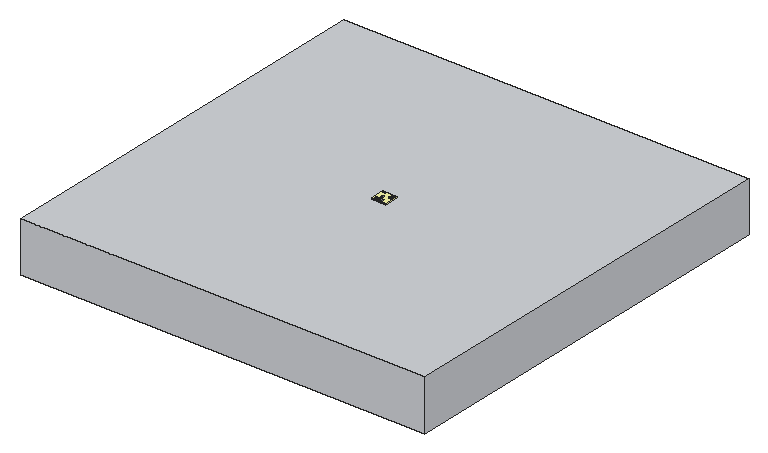
Revit family "EP_13A Switch Socket with Indication Lamp", category Electrical Fixtures, host Face, Revit 2013
Parameters
  Voltage = 230 V
  Socket = Socket
  Load Classification = Single Socket
  Load = 200 W
  Glass = Glass Red
  Default Elevation = 1200 mm
Reference planes
  plane 1 "Center (Front/Back)": y = 0
  plane 2: z = 0
  plane 3 "Center (Left/Right)": x = 0
  plane 4: x = -43
  plane 5: x = 43
  plane 6: y = 43
  plane 7: y = -43
  plane 8 "Switch": z = 8
Forms (mm)
  Extrusion 1, solid
    sketch origin (0, 0, 0) x (1, 0, 0) y (0, 1, 0)
      loop
        line (-1219.2, 1219.2) -> (-1219.2, -1219.2) -> (1219.2, -1219.2) -> (1219.2, 1219.2) -> (-1219.2, 1219.2)
    from 0 to -304.8
  Extrusion 2, solid, material "Face Plate"
    sketch origin (0, 0, 0) x (1, 0, 0) y (0, 1, 0)
      loop
        line (-43, -43) -> (43, -43) -> (43, 43) -> (-43, 43) -> (-43, -43)
    from 0 to 8
  Extrusion 3, solid, material "Socket" <- "Socket"
    sketch origin (0, 39.084, 0) x (0, -1, 0) y (0, 0, -1)
      loop
        line (6.07, -8) -> (27.984, -13.464) -> (27.984, -8) -> (6.07, -8)
    from 20 to 33
  Extrusion 4, void
    sketch origin (0, 0, 0) x (1, 0, 0) y (0, 1, 0)
      loop
        line (20, 11.1) -> (33, 11.1) -> (33, 33.014) -> (20, 33.014) -> (20, 11.1)
      loop
        line (18, 35.014) -> (18, 9.1) -> (35, 9.1) -> (35, 35.014) -> (18, 35.014)
    from 7.5 to 8
  Extrusion 5, solid, material "Socket" <- "Socket"
    sketch origin (0, 0, 0) x (1, 0, 0) y (0, 1, 0)
      loop
        line (-33, -33) -> (13, -33) -> (13, -21) -> (-5, -21) -> (-5, 5) -> (-15, 5) -> (-15, -21) -> (-33, -21) -> (-33, -33)
    from 8 to 9
  Extrusion 6, void
    sketch origin (0, 0, 0) x (1, 0, 0) y (0, 1, 0)
      loop
        line (-12, 0.984) -> (-12, -11) -> (-8, -11) -> (-8, 0.984) -> (-12, 0.984)
    from 0 to 9
  Extrusion 7, void
    sketch origin (0, 0, 0) x (1, 0, 0) y (0, 1, 0)
      loop
        line (-27, -24.618) -> (-27, -29) -> (-15, -29) -> (-15, -24.618) -> (-27, -24.618)
    from 0 to 9
  Extrusion 8, void
    sketch origin (-20, 0, 0) x (-1, 0, 0) y (0, -1, 0)
      loop
        line (-27, 24.618) -> (-15, 24.618) -> (-15, 29) -> (-27, 29) -> (-27, 24.618)
    from 0 to 9
  Extrusion 9, void
    sketch origin (0, 0, 0) x (1, 0, 0) y (0, 1, 0)
      loop
        line (-37.685, 39.206) -> (-37.685, 33.206) -> (-22.685, 33.206) -> (-22.685, 39.206) -> (-37.685, 39.206)
    from 5 to 8
  Extrusion 10, solid, material "Glass Red" <- "Glass"
    sketch origin (0, 0, 0) x (1, 0, 0) y (0, 1, 0)
      loop
        line (-37.385, 33.506) -> (-22.985, 33.506) -> (-22.985, 38.906) -> (-37.385, 38.906) -> (-37.385, 33.506)
    from 6 to 8.5
Cuts and joins
  Extrusion 4, Extrusion 6, Extrusion 7, Extrusion 8, Extrusion 9 cuts Extrusion 2
  Extrusion 6, Extrusion 7, Extrusion 8 cuts Extrusion 5
Lines and regions (mm)
  model lines
    curve 1: line (-12, 0.984, 0) -> (-12, -11, 0)
    curve 2: line (-8, 0.984, 0) -> (-12, 0.984, 0)
    curve 3: line (-8, -11, 0) -> (-8, 0.984, 0)
    curve 4: line (-12, -11, 0) -> (-8, -11, 0)
    curve 5: line (-15, -24.618, 0) -> (-27, -24.618, 0)
    curve 6: line (-27, -24.618, 0) -> (-27, -29, 0)
    curve 7: line (-27, -29, 0) -> (-15, -29, 0)
    curve 8: line (-15, -29, 0) -> (-15, -24.618, 0)
Dimensions and locks
  plane 4 to plane 3 "Center (Left/Right)" to plane 5 = 43 mm, 43 mm
  aligned and locked: plane 2 to Extrusion 1
  aligned and locked: level to Extrusion 1
Nested families
  nested 1: "EP_SFC" at (0, 0, 0), type "EP_SFC"
    with Label "", A 0 mm
Connectors
  electrical at (0, 0, 0), driven by "Voltage", driven by "Load", driven by "Load Classification"
    settings: on cut or joined group of Extrusion 2, Extrusion 4, Extrusion 6, Extrusion 7, Extrusion 8, Extrusion 9, index 1, voltage 230 V, apparent load 0 W, apparent load phase1 200 W, apparent load phase2 0 W, apparent load phase3 0 W, power factor 1, load classification "Single Socket", number of poles 1, system type 31, power factor state 1, is connector primary yes, connector utility no, sub classification motor no, connector description ""
Definition of nested family "EP_SFC"
  Parameters (values of type "EP_SFC")
    Label [instance] = ""
    A [instance] = 0 mm
  Reference planes
    plane 1: y = 0
    plane 2: x = 0
  Lines and regions (mm)
    Filled region 1, type "Filled region 1", not visible
      outline origin (1.642, -0.317, 0) x (1, 0, 0) y (0, 1, 0)
        loop
          circle (-1.642, 5.12) r 0.914
    Filled region 2, type "Filled region 1"
      outline origin (1.627, -1.611, 0) x (1, 0, 0) y (0, 1, 0)
        loop
          circle (-1.642, 3.731) r 0.5
    detail lines, not visible
      curve 1: circle (0, 1.389, 0) r 2.5 normal (0, 0, -1)
      curve 2: line (0, -1.111, 0) -> (0, 6.889, 0)
    detail lines, style "Power Symbols"
      curve 3: line (0, 1.6, 0) -> (0, 3.6, 0)
      curve 4: line (-1.6, 0, 0) -> (1.6, 0, 0)
      curve 5: arc (1.6, 0, 0) -> (0, 1.6, 0) -> (-1.6, 0, 0) r 1.6
